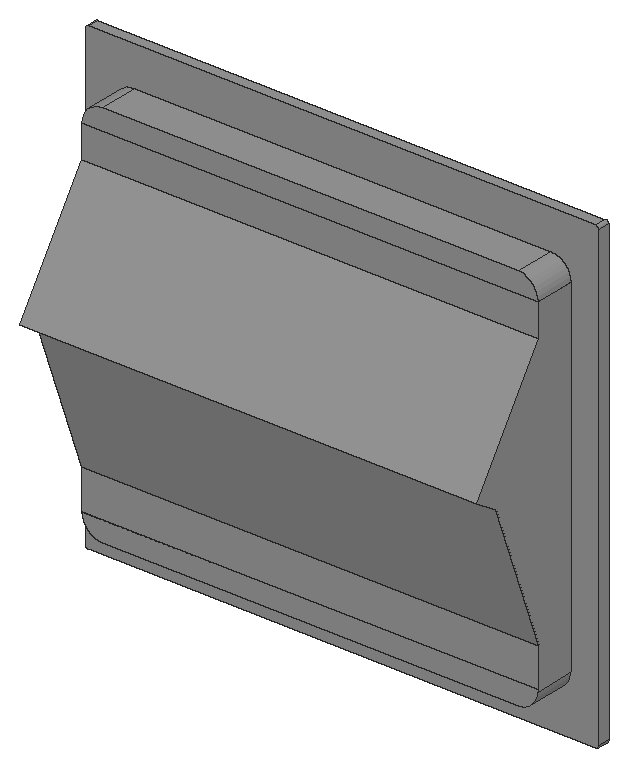
Revit family "L&L_LUCE&LIGHT_PASITO_1.1", category Lighting Fixtures, host Wall, Revit 2018 (continued)
Parameters (values of type "PASITO_1.1 – 60°")
    0 0.00 0.00 0.00 0.00 0.00 0.00 0.00 0.00 \r\n0.00 0.00 0.00 0.00 0.00 0.00 0.00 0.00 0.00 0.00 0.00 \r\n0.00 0.00 0.00 0.00 0.00 0.00 0.00 0.00 0.00 0.00 0.00 \r\n0.00 0.00 0.00 0.00 0.00 0.00 0.00 0.00 0.00 0.00 0.00 \r\n0.00 0.00 0.00 0.00 0.02 \r\n0.07 0.00 0.00 0.00 0.00 0.00 0.00 0.00 0.00 0.00 0.00 \r\n0.00 0.00 0.00 0.00 0.00 0.00 0.00 0.00 0.00 0.00 0.00 \r\n0.00 0.00 0.00 0.00 0.00 0.00 0.00 0.00 0.00 0.00 0.00 \r\n0.00 0.00 0.00 0.00 0.00 0.00 0.00 0.00 0.00 0.00 0.00 \r\n0.00 0.00 0.00 0.00 0.00 0.00 0.00 0.00 0.00 0.00 0.00 \r\n0.00 0.00 0.00 0.00 0.00 0.00 0.00 0.00 0.00 0.00 0.00 \r\n0.00 0.00 0.00 0.00 0.00 0.00 0.00 0.00 0.00 0.00 0.00 \r\n0.00 0.00 0.00 0.00 0.00 0.00 0.00 0.00 0.00 0.00 0.00 \r\n0.00 0.00 0.00 0.00 0.00 0.00 0.00 0.00 0.00 0.00 0.00 \r\n0.00 0.00 0.00 0.00 0.00 0.00 0.00 0.00 0.00 0.00 0.00 \r\n0.00 0.00 0.00 0.00 0.00 0.00 0.00 0.00 0.00 0.00 0.00 \r\n0.00 0.00 0.00 0.00 0.00 0.00 0.00 0.00 0.00 0.00 0.00 \r\n0.00 0.00 0.00 0.00 0.00 0.00 0.00 0.00 0.00 0.00 0.00 \r\n0.00 0.00 0.00 0.00 0.00 0.00 0.00 0.00 0.00 0.00 0.00 \r\n0.00 0.00 0.00 0.00 0.00 0.00 0.00 0.00 0.00 0.00 0.00 \r\n0.00 0.00 0.00 0.00 0.00 0.00 0.00 0.00 0.00 0.00 0.00 \r\n0.00 0.00 0.00 0.00 0.02 \r\n0.07 0.00 0.00 0.00 0.00 0.00 0.00 0.00 0.00 0.00 0.00 \r\n0.00 0.00 0.00 0.00 0.00 0.00 0.00 0.00 0.00 0.00 0.00 \r\n0.00 0.00 0.00 0.00 0.00 0.00 0.00 0.00 0.00 0.00 0.00 \r\n0.00 0.00 0.00 0.00 0.00 0.00 0.00 0.00 0.00 0.00 0.00 \r\n0.00 0.00 0.00 0.00 0.00 0.00 0.00 0.00 0.00 0.00 0.00 \r\n0.00 0.00 0.00 0.00 0.00 0.00 0.00 0.00 0.00 0.00 0.00 \r\n0.00 0.00 0.00 0.00 0.00 0.00 0.00 0.00 0.00 0.00 0.00 \r\n0.00 0.00 0.00 0.00 0.00 0.00 0.00 0.00 0.00 0.00 0.00 \r\n0.00 0.00 0.00 0.00 0.00 0.00 0.00 0.00 0.00 0.00 0.00 \r\n0.00 0.00 0.00 0.00 0.00 0.00 0.00 0.00 0.00 0.00 0.00 \r\n0.00 0.00 0.00 0.00 0.00 0.00 0.00 0.00 0.00 0.00 0.00 \r\n0.00 0.00 0.00 0.00 0.00 0.00 0.00 0.00 0.00 0.00 0.00 \r\n0.00 0.00 0.00 0.00 0.00 0.00 0.00 0.00 0.00 0.00 0.00 \r\n0.00 0.00 0.00 0.00 0.00 0.00 0.00 0.00 0.00 0.00 0.00 \r\n0.00 0.00 0.00 0.00 0.00 0.00 0.00 0.00 0.00 0.00 0.00 \r\n0.00 0.00 0.00 0.00 0.00 0.00 0.00 0.00 0.00 0.00 0.00 \r\n0.00 0.00 0.00 0.00 0.02 \r\n0.07 0.00 0.00 0.00 0.00 0.00 0.00 0.00 0.00 0.00 0.00 \r\n0.00 0.00 0.00 0.00 0.00 0.00 0.00 0.00 0.00 0.00 0.00 \r\n0.00 0.00 0.00 0.00 0.00 0.00 0.00 0.00 0.00 0.00 0.00 \r\n0.00 0.00 0.00 0.00 0.00 0.00 0.00 0.00 0.00 0.00 0.00 \r\n0.00 0.00 0.00 0.00 0.00 0.00 0.00 0.00 0.00 0.00 0.00 \r\n0.00 0.00 0.00 0.00 0.00 0.00 0.00 0.00 0.00 0.00 0.00 \r\n0.00 0.00 0.00 0.00 0.00 0.00 0.00 0.00 0.00 0.00 0.00 \r\n0.00 0.00 0.00 0.00 0.00 0.00 0.00 0.00 0.00 0.00 0.00 \r\n0.00 0.00 0.00 0.00 0.00 0.00 0.00 0.00 0.00 0.00 0.00 \r\n0.00 0.00 0.00 0.00 0.00 0.00 0.00 0.00 0.00 0.00 0.00 \r\n0.00 0.00 0.00 0.00 0.00 0.00 0.00 0.00 0.00 0.00 0.00 \r\n0.00 0.00 0.00 0.00 0.00 0.00 0.00 0.00 0.00 0.00 0.00 \r\n0.00 0.00 0.00 0.00 0.00 0.00 0.00 0.00 0.00 0.00 0.00 \r\n0.00 0.00 0.00 0.00 0.00 0.00 0.00 0.00 0.00 0.00 0.00 \r\n0.00 0.00 0.00 0.00 0.00 0.00 0.00 0.00 0.00 0.00 0.00 \r\n0.00 0.00 0.00 0.00 0.00 0.00 0.00 0.00 0.00 0.00 0.00 \r\n0.00 0.00 0.00 0.00 0.02 \r\n0.07 0.00 0.00 0.00 0.00 0.00 0.00 0.00 0.00 0.00 0.00 \r\n0.00 0.00 0.00 0.00 0.00 0.00 0.00 0.00 0.00 0.00 0.00 \r\n0.00 0.00 0.00 0.00 0.00 0.00 0.00 0.00 0.00 0.00 0.00 \r\n0.00 0.00 0.00 0.00 0.00 0.00 0.00 0.00 0.00 0.00 0.00 \r\n0.00 0.00 0.00 0.00 0.00 0.00 0.00 0.00 0.00 0.00 0.00 \r\n0.00 0.00 0.00 0.00 0.00 0.00 0.00 0.00 0.00 0.00 0.00 \r\n0.00 0.00 0.00 0.00 0.00 0.00 0.00 0.00 0.00 0.00 0.00 \r\n0.00 0.00 0.00 0.00 0.00 0.00 0.00 0.00 0.00 0.00 0.00 \r\n0.00 0.00 0.00 0.00 0.00 0.00 0.00 0.00 0.00 0.00 0.00 \r\n0.00 0.00 0.00 0.00 0.00 0.00 0.00 0.00 0.00 0.00 0.00 \r\n0.00 0.00 0.00 0.00 0.00 0.00 0.00 0.00 0.00 0.00 0.00 \r\n0.00 0.00 0.00 0.00 0.00 0.00 0.00 0.00 0.00 0.00 0.00 \r\n0.00 0.00 0.00 0.00 0.00 0.00 0.00 0.00 0.00 0.00 0.00 \r\n0.00 0.00 0.00 0.00 0.00 0.00 0.00 0.00 0.00 0.00 0.00 \r\n0.00 0.00 0.00 0.00 0.00 0.00 0.00 0.00 0.00 0.00 0.00 \r\n0.00 0.00 0.00 0.00 0.00 0.00 0.00 0.00 0.00 0.00 0.00 \r\n0.00 0.00 0.00 0.00 0.02 \r\n0.07 0.00 0.00 0.00 0.00 0.00 0.00 0.00 0.00 0.00 0.00 \r\n0.00 0.00 0.00 0.00 0.00 0.00 0.00 0.00 0.00 0.00 0.00 \r\n0.00 0.00 0.00 0.00 0.00 0.00 0.00 0.00 0.00 0.00 0.00 \r\n0.00 0.00 0.00 0.00 0.00 0.00 0.00 0.00 0.00 0.00 0.00 \r\n0.00 0.00 0.00 0.00 0.00 0.00 0.00 0.00 0.00 0.00 0.00 \r\n0.00 0.00 0.00 0.00 0.00 0.00 0.00 0.00 0.00 0.00 0.00 \r\n0.00 0.00 0.00 0.00 0.00 0.00 0.00 0.00 0.00 0.00 0.00 \r\n0.00 0.00 0.00 0.00 0.00 0.00 0.00 0.00 0.00 0.00 0.00 \r\n0.00 0.00 0.00 0.00 0.00 0.00 0.00 0.00 0.00 0.00 0.00 \r\n0.00 0.00 0.00 0.00 0.00 0.00 0.00 0.00 0.00 0.00 0.00 \r\n0.00 0.00 0.00 0.00 0.00 0.00 0.00 0.00 0.00 0.00 0.00 \r\n0.00 0.00 0.00 0.00 0.00 0.00 0.00 0.00 0.00 0.00 0.00 \r\n0.00 0.00 0.00 0.00 0.00 0.00 0.00 0.00 0.00 0.00 0.00 \r\n0.00 0.00 0.00 0.00 0.00 0.00 0.00 0.00 0.00 0.00 0.00 \r\n0.00 0.00 0.00 0.00 0.00 0.00 0.00 0.00 0.00 0.00 0.00 \r\n0.00 0.00 0.00 0.00 0.00 0.00 0.00 0.00 0.00 0.00 0.00 \r\n0.00 0.00 0.00 0.00 0.02 \r\n0.07 0.00 0.00 0.00 0.00 0.00 0.00 0.00 0.00 0.00 0.00 \r\n0.00 0.00 0.00 0.00 0.00 0.00 0.00 0.00 0.00 0.00 0.00 \r\n0.00 0.00 0.00 0.00 0.00 0.00 0.00 0.00 0.00 0.00 0.00 \r\n0.00 0.00 0.00 0.00 0.00 0.00 0.00 0.00 0.00 0.00 0.00 \r\n0.00 0.00 0.00 0.00 0.00 0.00 0.00 0.00 0.00 0.00 0.00 \r\n0.00 0.00 0.00 0.00 0.00 0.00 0.00 0.00 0.00 0.00 0.00 \r\n0.00 0.00 0.00 0.00 0.00 0.00 0.00 0.00 0.00 0.00 0.00 \r\n0.00 0.00 0.00 0.00 0.00 0.00 0.00 0.00 0.00 0.00 0.00 \r\n0.00 0.00 0.00 0.00 0.00 0.00 0.00 0.00 0.00 0.00 0.00 \r\n0.00 0.00 0.00 0.00 0.00 0.00 0.00 0.00 0.00 0.00 0.00 \r\n0.00 0.00 0.00 0.00 0.00 0.00 0.00 0.00 0.00 0.00 0.00 \r\n0.00 0.00 0.00 0.00 0.00 0.00 0.00 0.00 0.00 0.00 0.00 \r\n0.00 0.00 0.00 0.00 0.00 0.00 0.00 0.00 0.00 0.00 0.00 \r\n0.00 0.00 0.00 0.00 0.00 0.00 0.00 0.00 0.00 0.00 0.00 \r\n0.00 0.00 0.00 0.00 0.00 0.00 0.00 0.00 0.00 0.00 0.00 \r\n0.00 0.00 0.00 0.00 0.00 0.00 0.00 0.00 0.00 0.00 0.00 \r\n0.00 0.00 0.00 0.00 0.02 \r\n0.07 0.00 0.00 0.00 0.00 0.00 0.00 0.00 0.00 0.00 0.00 \r\n0.00 0.00 0.00 0.00 0.00 0.00 0.00 0.00 0.00 0.00 0.00 \r\n0.00 0.00 0.00 0.00 0.00 0.00 0.00 0.00 0.00 0.00 0.00 \r\n0.00 0.00 0.00 0.00 0.00 0.00 0.00 0.00 0.00 0.00 0.00 \r\n0.00 0.00 0.00 0.00 0.00 0.00 0.00 0.00 0.00 0.00 0.00 \r\n0.00 0.00 0.00 0.00 0.00 0.00 0.00 0.00 0.00 0.00 0.00 \r\n0.00 0.00 0.00 0.00 0.00 0.00 0.00 0.00 0.00 0.00 0.00 \r\n0.00 0.00 0.00 0.00 0.00 0.00 0.00 0.00 0.00 0.00 0.00 \r\n0.00 0.00 0.00 0.00 0.00 0.00 0.00 0.00 0.00 0.00 0.00 \r\n0.00 0.00 0.00 0.00 0.00 0.00 0.00 0.00 0.00 0.00 0.00 \r\n0.00 0.00 0.00 0.00 0.00 0.00 0.00 0.00 0.00 0.00 0.00 \r\n0.00 0.00 0.00 0.00 0.00 0.00 0.00 0.00 0.00 0.00 0.00 \r\n0.00 0.00 0.00 0.00 0.00 0.00 0.00 0.00 0.00 0.00 0.00 \r\n0.00 0.00 0.00 0.00 0.00 0.00 0.00 0.00 0.00 0.00 0.00 \r\n0.00 0.00 0.00 0.00 0.00 0.00 0.00 0.00 0.00 0.00 0.00 \r\n0.00 0.00 0.00 0.00 0.00 0.00 0.00 0.00 0.00 0.00 0.00 \r\n0.00 0.00 0.00 0.00 0.02 \r\n0.07 0.00 0.00 0.00 0.00 0.00 0.00 0.00 0.00 0.00 0.00 \r\n0.00 0.00 0.00 0.00 0.00 0.00 0.00 0.00 0.00 0.00 0.00 \r\n0.00 0.00 0.00 0.00 0.00 0.00 0.00 0.00 0.00 0.00 0.00 \r\n0.00 0.00 0.00 0.00 0.00 0.00 0.00 0.00 0.00 0.00 0.00 \r\n0.00 0.00 0.00 0.00 0.00 0.00 0.00 0.00 0.00 0.00 0.00 \r\n0.00 0.00 0.00 0.00 0.00 0.00 0.00 0.00 0.00 0.00 0.00 \r\n0.00 0.00 0.00 0.00 0.00 0.00 0.00 0.00 0.00 0.00 0.00 \r\n0.00 0.00 0.00 0.00 0.00 0.00 0.00 0.00 0.00 0.00 0.00 \r\n0.00 0.00 0.00 0.00 0.00 0.00 0.00 0.00 0.00 0.00 0.00 \r\n0.00 0.00 0.00 0.00 0.00 0.00 0.00 0.00 0.00 0.00 0.00 \r\n0.00 0.00 0.00 0.00 0.00 0.00 0.00 0.00 0.00 0.00 0.00 \r\n0.00 0.00 0.00 0.00 0.00 0.00 0.00 0.00 0.00 0.00 0.00 \r\n0.00 0.00 0.00 0.00 0.00 0.00 0.00 0.00 0.00 0.00 0.00 \r\n0.00 0.00 0.00 0.00 0.00 0.00 0.00 0.00 0.00 0.00 0.00 \r\n0.00 0.00 0.00 0.00 0.00 0.00 0.00 0.00 0.00 0.00 0.00 \r\n0.00 0.00 0.00 0.00 0.00 0.00 0.00 0.00 0.00 0.00 0.00 \r\n0.00 0.00 0.00 0.00 0.02 \r\n0.07 0.01 0.00 0.00 0.00 0.00 0.00 0.00 0.00 0.00 0.00 \r\n0.00 0.00 0.00 0.00 0.00 0.00 0.00 0.00 0.00 0.00 0.00 \r\n0.00 0.00 0.00 0.00 0.00 0.00 0.00 0.00 0.00 0.00 0.00 \r\n0.00 0.00 0.00 0.00 0.00 0.00 0.00 0.00 0.00 0.00 0.00 \r\n0.00 0.00 0.00 0.00 0.00 0.00 0.00 0.00 0.00 0.00 0.00 \r\n0.00 0.00 0.00 0.00 0.00 0.00 0.00 0.00 0.00 0.00 0.00 \r\n0.00 0.00 0.00 0.00 0.00 0.00 0.00 0.00 0.00 0.00 0.00 \r\n0.00 0.00 0.00 0.00 0.00 0.00 0.00 0.00 0.00 0.00 0.00 \r\n0.00 0.00 0.00 0.00 0.00 0.00 0.00 0.00 0.00 0.00 0.00 \r\n0.00 0.00 0.00 0.00 0.00 0.00 0.00 0.00 0.00 0.00 0.00 \r\n0.00 0.00 0.00 0.00 0.00 0.00 0.00 0.00 0.00 0.00 0.00 \r\n0.00 0.00 0.00 0.00 0.00 0.00 0.00 0.00 0.00 0.00 0.00 \r\n0.00 0.00 0.00 0.00 0.00 0.00 0.00 0.00 0.00 0.00 0.00 \r\n0.00 0.00 0.00 0.00 0.00 0.00 0.00 0.00 0.00 0.00 0.00 \r\n0.00 0.00 0.00 0.00 0.00 0.00 0.00 0.00 0.00 0.00 0.00 \r\n0.00 0.00 0.00 0.00 0.00 0.00 0.00 0.00 0.00 0.00 0.00 \r\n0.00 0.00 0.00 0.00 0.02 \r\n0.07 0.01 0.00 0.00 0.00 0.00 0.00 0.00 0.00 0.00 0.00 \r\n0.00 0.00 0.00 0.00 0.00 0.00 0.00 0.00 0.00 0.00 0.00 \r\n0.00 0.00 0.00 0.00 0.00 0.00 0.00 0.00 0.00 0.00 0.00 \r\n0.00 0.00 0.00 0.00 0.00 0.00 0.00 0.00 0.00 0.00 0.00 \r\n0.00 0.00 0.00 0.00 0.00 0.00 0.00 0.00 0.00 0.00 0.00 \r\n0.00 0.00 0.00 0.00 0.00 0.00 0.00 0.00 0.00 0.00 0.00 \r\n0.00 0.00 0.00 0.00 0.00 0.00 0.00 0.00 0.00 0.00 0.00 \r\n0.00 0.00 0.00 0.00 0.00 0.00 0.00 0.00 0.00 0.00 0.00 \r\n0.00 0.00 0.00 0.00 0.00 0.00 0.00 0.00 0.00 0.00 0.00 \r\n0.00 0.00 0.00 0.00 0.00 0.00 0.00 0.00 0.00 0.00 0.00 \r\n0.00 0.00 0.00 0.00 0.00 0.00 0.00 0.00 0.00 0.00 0.00 \r\n0.00 0.00 0.00 0.00 0.00 0.00 0.00 0.00 0.00 0.00 0.00 \r\n0.00 0.00 0.00 0.00 0.00 0.00 0.00 0.00 0.00 0.00 0.00 \r\n0.00 0.00 0.00 0.00 0.00 0.00 0.00 0.00 0.00 0.00 0.00 \r\n0.00 0.00 0.00 0.00 0.00 0.00 0.00 0.00 0.00 0.00 0.00 \r\n0.00 0.00 0.00 0.00 0.00 0.00 0.00 0.00 0.00 0.00 0.00 \r\n0.00 0.00 0.00 0.00 0.02 \r\n0.07 0.01 0.00 0.00 0.00 0.00 0.00 0.00 0.00 0.00 0.00 \r\n0.00 0.00 0.00 0.00 0.00 0.00 0.00 0.00 0.00 0.00 0.00 \r\n0.00 0.00 0.00 0.00 0.00 0.00 0.00 0.00 0.00 0.00 0.00 \r\n0.00 0.00 0.00 0.00 0.00 0.00 0.00 0.00 0.00 0.00 0.00 \r\n0.00 0.00 0.00 0.00 0.00 0.00 0.00 0.00 0.00 0.00 0.00 \r\n0.00 0.00 0.00 0.00 0.00 0.00 0.00 0.00 0.00 0.00 0.00 \r\n0.00 0.00 0.00 0.00 0.00 0.00 0.00 0.00 0.00 0.00 0.00 \r\n0.00 0.00 0.00 0.00 0.00 0.00 0.00 0.00 0.00 0.00 0.00 \r\n0.00 0.00 0.00 0.00 0.00 0.00 0.00 0.00 0.00 0.00 0.00 \r\n0.00 0.00 0.00 0.00 0.00 0.00 0.00 0.00 0.00 0.00 0.00 \r\n0.00 0.00 0.00 0.00 0.00 0.00 0.00 0.00 0.00 0.00 0.00 \r\n0.00 0.00 0.00 0.00 0.00 0.00 0.00 0.00 0.00 0.00 0.00 \r\n0.00 0.00 0.00 0.00 0.00 0.00 0.00 0.00 0.00 0.00 0.00 \r\n0.00 0.00 0.00 0.00 0.00 0.00 0.00 0.00 0.00 0.00 0.00 \r\n0.00 0.00 0.00 0.00 0.00 0.00 0.00 0.00 0.00 0.00 0.00 \r\n0.00 0.00 0.00 0.00 0.00 0.00 0.00 0.00 0.00 0.00 0.00 \r\n0.00 0.00 0.00 0.00 0.02 \r\n0.07 0.02 0.00 0.00 0.00 0.00 0.00 0.00 0.00 0.00 0.00 \r\n0.00 0.00 0.00 0.00 0.00 0.00 0.00 0.00 0.00 0.00 0.00 \r\n0.00 0.00 0.00 0.00 0.00 0.00 0.00 0.00 0.00 0.00 0.00 \r\n0.00 0.00 0.00 0.00 0.00 0.00 0.00 0.00 0.00 0.00 0.00 \r\n0.00 0.00 0.00 0.00 0.00 0.00 0.00 0.00 0.00 0.00 0.00 \r\n0.00 0.00 0.00 0.00 0.00 0.00 0.00 0.00 0.00 0.00 0.00 \r\n0.00 0.00 0.00 0.00 0.00 0.00 0.00 0.00 0.00 0.00 0.00 \r\n0.00 0.00 0.00 0.00 0.00 0.00 0.00 0.00 0.00 0.00 0.00 \r\n0.00 0.00 0.00 0.00 0.00 0.00 0.00 0.00 0.00 0.00 0.00 \r\n0.00 0.00 0.00 0.00 0.00 0.00 0.00 0.00 0.00 0.00 0.00 \r\n0.00 0.00 0.00 0.00 0.00 0.00 0.00 0.00 0.00 0.00 0.00 \r\n0.00 0.00 0.00 0.00 0.00 0.00 0.00 0.00 0.00 0.00 0.00 \r\n0.00 0.00 0.00 0.00 0.00 0.00 0.00 0.00 0.00 0.00 0.00 \r\n0.00 0.00 0.00 0.00 0.00 0.00 0.00 0.00 0.00 0.00 0.00 \r\n0.00 0.00 0.00 0.00 0.00 0.00 0.00 0.00 0.00 0.00 0.00 \r\n0.00 0.00 0.00 0.00 0.00 0.00 0.00 0.00 0.00 0.00 0.00 \r\n0.00 0.00 0.00 0.00 0.02 \r\n0.07 0.02 0.00 0.00 0.00 0.00 0.00 0.00 0.00 0.00 0.00 \r\n0.00 0.00 0.00 0.00 0.00 0.00 0.00 0.00 0.00 0.00 0.00 \r\n0.00 0.00 0.00 0.00 0.00 0.00 0.00 0.00 0.00 0.00 0.00 \r\n0.00 0.00 0.00 0.00 0.00 0.00 0.00 0.00 0.00 0.00 0.00 \r\n0.00 0.00 0.00 0.00 0.00 0.00 0.00 0.00 0.00 0.00 0.00 \r\n0.00 0.00 0.00 0.00 0.00 0.00 0.00 0.00 0.00 0.00 0.00 \r\n0.00 0.00 0.00 0.00 0.00 0.00 0.00 0.00 0.00 0.00 0.00 \r\n0.00 0.00 0.00 0.00 0.00 0.00 0.00 0.00 0.00 0.00 0.00 \r\n0.00 0.00 0.00 0.00 0.00 0.00 0.00 0.00 0.00 0.00 0.00 \r\n0.00 0.00 0.00 0.00 0.00 0.00 0.00 0.00 0.00 0.00 0.00 \r\n0.00 0.00 0.00 0.00 0.00 0.00 0.00 0.00 0.00 0.00 0.00 \r\n0.00 0.00 0.00 0.00 0.00 0.00 0.00 0.00 0.00 0.00 0.00 \r\n0.00 0.00 0.00 0.00 0.00 0.00 0.00 0.00 0.00 0.00 0.00 \r\n0.00 0.00 0.00 0.00 0.00 0.00 0.00 0.00 0.00 0.00 0.00 \r\n0.00 0.00 0.00 0.00 0.00 0.00 0.00 0.00 0.00 0.00 0.00 \r\n0.00 0.00 0.00 0.00 0.00 0.00 0.00 0.00 0.00 0.00 0.00 \r\n0.00 0.00 0.00 0.00 0.02 \r\n0.07 0.03 0.00 0.00 0.00 0.00 0.00 0.00 0.00 0.00 0.00 \r\n0.00 0.00 0.00 0.00 0.00 0.00 0.00 0.00 0.00 0.00 0.00 \r\n0.00 0.00 0.00 0.00 0.00 0.00 0.00 0.00 0.00 0.00 0.00 \r\n0.00 0.00 0.00 0.00 0.00 0.00 0.00 0.00 0.00 0.00 0.00 \r\n0.00 0.00 0.00 0.00 0.00 0.00 0.00 0.00 0.00 0.00 0.00 \r\n0.00 0.00 0.00 0.00 0.00 0.00 0.00 0.00 0.00 0.00 0.00 \r\n0.00 0.00 0.00 0.00 0.00 0.00 0.00 0.00 0.00 0.00 0.00 \r\n0.00 0.00 0.00 0.00 0.00 0.00 0.00 0.00 0.00 0.00 0.00 \r\n0.00 0.00 0.00 0.00 0.00 0.00 0.00 0.00 0.00 0.00 0.00 \r\n0.00 0.00 0.00 0.00 0.00 0.00 0.00 0.00 0.00 0.00 0.00 \r\n0.00 0.00 0.00 0.00 0.00 0.00 0.00 0.00 0.00 0.00 0.00 \r\n0.00 0.00 0.00 0.00 0.00 0.00 0.00 0.00 0.00 0.00 0.00 \r\n0.00 0.00 0.00 0.00 0.00 0.00 0.00 0.00 0.00 0.00 0.00 \r\n0.00 0.00 0.00 0.00 0.00 0.00 0.00 0.00 0.00 0.00 0.00 \r\n0.00 0.00 0.00 0.00 0.00 0.00 0.00 0.00 0.00 0.00 0.00 \r\n0.00 0.00 0.00 0.00 0.00 0.00 0.00 0.00 0.00 0.00 0.00 \r\n0.00 0.00 0.00 0.01 0.02 \r\n0.07 0.03 0.00 0.00 0.00 0.00 0.00 0.00 0.00 0.00 0.00 \r\n0.00 0.00 0.00 0.00 0.00 0.00 0.00 0.00 0.00 0.00 0.00 \r\n0.00 0.00 0.00 0.00 0.00 0.00 0.00 0.00 0.00 0.00 0.00 \r\n0.00 0.00 0.00 0.00 0.00 0.00 0.00 0.00 0.00 0.00 0.00 \r\n0.00 0.00 0.00 0.00 0.00 0.00 0.00 0.00 0.00 0.00 0.00 \r\n0.00 0.00 0.00 0.00 0.00 0.00 0.00 0.00 0.00 0.00 0.00 \r\n0.00 0.00 0.00 0.00 0.00 0.00 0.00 0.00 0.00 0.00 0.00 \r\n0.00 0.00 0.00 0.00 0.00 0.00 0.00 0.00 0.00 0.00 0.00 \r\n0.00 0.00 0.00 0.00 0.00 0.00 0.00 0.00 0.00 0.00 0.00 \r\n0.00 0.00 0.00 0.00 0.00 0.00 0.00 0.00 0.00 0.00 0.00 \r\n0.00 0.00 0.00 0.00 0.00 0.00 0.00 0.00 0.00 0.00 0.00 \r\n0.00 0.00 0.00 0.00 0.00 0.00 0.00 0.00 0.00 0.00 0.00 \r\n0.00 0.00 0.00 0.00 0.00 0.00 0.00 0.00 0.00 0.00 0.00 \r\n0.00 0.00 0.00 0.00 0.00 0.00 0.00 0.00 0.00 0.00 0.00 \r\n0.00 0.00 0.00 0.00 0.00 0.00 0.00 0.00 0.00 0.00 0.00 \r\n0.00 0.00 0.00 0.00 0.00 0.00 0.00 0.00 0.00 0.00 0.00 \r\n0.00 0.00 0.00 0.01 0.02 \r\n0.07 0.04 0.00 0.00 0.00 0.00 0.00 0.00 0.00 0.00 0.00 \r\n0.00 0.00 0.00 0.00 0.00 0.00 0.00 0.00 0.00 0.00 0.00 \r\n0.00 0.00 0.00 0.00 0.00 0.00 0.00 0.00 0.00 0.00 0.00 \r\n0.00 0.00 0.00 0.00 0.00 0.00 0.00 0.00 0.00 0.00 0.00 \r\n0.00 0.00 0.00 0.00 0.00 0.00 0.00 0.00 0.00 0.00 0.00 \r\n0.00 0.00 0.00 0.00 0.00 0.00 0.00 0.00 0.00 0.00 0.00 \r\n0.00 0.00 0.00 0.00 0.00 0.00 0.00 0.00 0.00 0.00 0.00 \r\n0.00 0.00 0.00 0.00 0.00 0.00 0.00 0.00 0.00 0.00 0.00 \r\n0.00 0.00 0.00 0.00 0.00 0.00 0.00 0.00 0.00 0.00 0.00 \r\n0.00 0.00 0.00 0.00 0.00 0.00 0.00 0.00 0.00 0.00 0.00 \r\n0.00 0.00 0.00 0.00 0.00 0.00 0.00 0.00 0.00 0.00 0.00 \r\n0.00 0.00 0.00 0.00 0.00 0.00 0.00 0.00 0.00 0.00 0.00 \r\n0.00 0.00 0.00 0.00 0.00 0.00 0.00 0.00 0.00 0.00 0.00 \r\n0.00 0.00 0.00 0.00 0.00 0.00 0.00 0.00 0.00 0.00 0.00 \r\n0.00 0.00 0.00 0.00 0.00 0.00 0.00 0.00 0.00 0.00 0.00 \r\n0.00 0.00 0.00 0.00 0.00 0.00 0.00 0.00 0.00 0.00 0.00 \r\n0.00 0.00 0.00 0.01 0.02 \r\n0.07 0.04 0.01 0.00 0.00 0.00 0.00 0.00 0.00 0.00 0.00 \r\n0.00 0.00 0.00 0.00 0.00 0.00 0.00 0.00 0.00 0.00 0.00 \r\n0.00 0.00 0.00 0.00 0.00 0.00 0.00 0.00 0.00 0.00 0.00 \r\n0.00 0.00 0.00 0.00 0.00 0.00 0.00 0.00 0.00 0.00 0.00 \r\n0.00 0.00 0.00 0.00 0.00 0.00 0.00 0.00 0.00 0.00 0.00 \r\n0.00 0.00 0.00 0.00 0.00 0.00 0.00 0.00 0.00 0.00 0.00 \r\n0.00 0.00 0.00 0.00 0.00 0.00 0.00 0.00 0.00 0.00 0.00 \r\n0.00 0.00 0.00 0.00 0.00 0.00 0.00 0.00 0.00 0.00 0.00 \r\n0.00 0.00 0.00 0.00 0.00 0.00 0.00 0.00 0.00 0.00 0.00 \r\n0.00 0.00 0.00 0.00 0.00 0.00 0.00 0.00 0.00 0.00 0.00 \r\n0.00 0.00 0.00 0.00 0.00 0.00 0.00 0.00 0.00 0.00 0.00 \r\n0.00 0.00 0.00 0.00 0.00 0.00 0.00 0.00 0.00 0.00 0.00 \r\n0.00 0.00 0.00 0.00 0.00 0.00 0.00 0.00 0.00 0.00 
